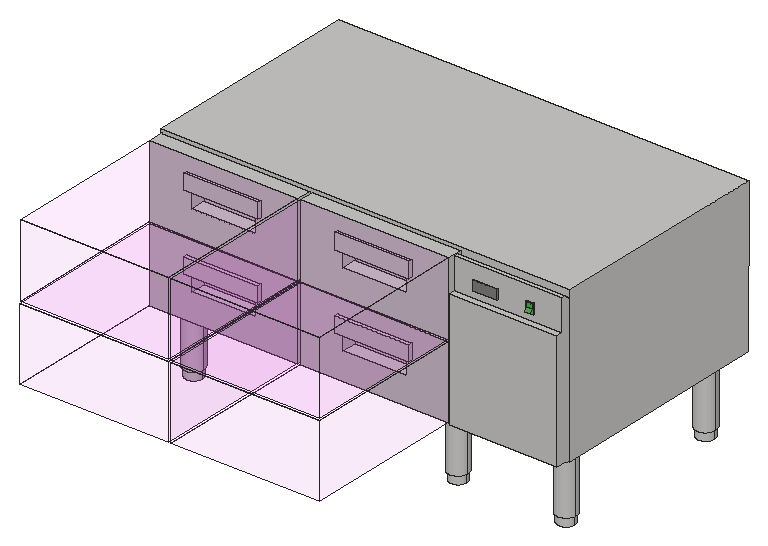
Revit family "QF_ELECTROLUXPROFESSIONAL_371375_E7TTBPCOMIN", category Specialty Equipment, Revit 2018 (continued)
Lines and regions (mm)
  Split face 143
    outline origin (727.396, -348, 142.29) x (0, 0, -1) y (1, 0, 0)
      loop
        arc (-85.025, -242.399) -> (-81.004, -238.41) -> (-85.004, -234.4) r 4
        line (-85.004, -234.4) -> (-117.004, -234.4)
        arc (-117.004, -234.4) -> (-121.004, -238.41) -> (-116.984, -242.399) r 4
        line (-116.984, -242.399) -> (-85.025, -242.399)
  Split face 144
    outline origin (739.396, -348, 142.29) x (0, 0, -1) y (1, 0, 0)
      loop
        arc (-85.025, -242.399) -> (-81.004, -238.41) -> (-85.004, -234.4) r 4
        line (-85.004, -234.4) -> (-117.004, -234.4)
        arc (-117.004, -234.4) -> (-121.004, -238.41) -> (-116.984, -242.399) r 4
        line (-116.984, -242.399) -> (-85.025, -242.399)
  Split face 145
    outline origin (751.396, -348, 142.29) x (0, 0, -1) y (1, 0, 0)
      loop
        arc (-85.025, -242.399) -> (-81.004, -238.41) -> (-85.004, -234.4) r 4
        line (-85.004, -234.4) -> (-117.004, -234.4)
        arc (-117.004, -234.4) -> (-121.004, -238.41) -> (-116.984, -242.399) r 4
        line (-116.984, -242.399) -> (-85.025, -242.399)
  Split face 146
    outline origin (763.396, -348, 142.29) x (0, 0, -1) y (1, 0, 0)
      loop
        arc (-85.025, -242.399) -> (-81.004, -238.41) -> (-85.004, -234.4) r 4
        line (-85.004, -234.4) -> (-117.004, -234.4)
        arc (-117.004, -234.4) -> (-121.004, -238.41) -> (-116.984, -242.399) r 4
        line (-116.984, -242.399) -> (-85.025, -242.399)
  Split face 147
    outline origin (775.396, -348, 142.29) x (0, 0, -1) y (1, 0, 0)
      loop
        arc (-85.025, -242.399) -> (-81.004, -238.41) -> (-85.004, -234.4) r 4
        line (-85.004, -234.4) -> (-117.004, -234.4)
        arc (-117.004, -234.4) -> (-121.004, -238.41) -> (-116.984, -242.399) r 4
        line (-116.984, -242.399) -> (-85.025, -242.399)
  Split face 148
    outline origin (787.396, -348, 142.29) x (0, 0, -1) y (1, 0, 0)
      loop
        arc (-85.025, -242.399) -> (-81.004, -238.41) -> (-85.004, -234.4) r 4
        line (-85.004, -234.4) -> (-117.004, -234.4)
        arc (-117.004, -234.4) -> (-121.004, -238.41) -> (-116.984, -242.399) r 4
        line (-116.984, -242.399) -> (-85.025, -242.399)
  Split face 149
    outline origin (799.396, -348, 142.29) x (0, 0, -1) y (1, 0, 0)
      loop
        arc (-85.025, -242.399) -> (-81.004, -238.41) -> (-85.004, -234.4) r 4
        line (-85.004, -234.4) -> (-117.004, -234.4)
        arc (-117.004, -234.4) -> (-121.004, -238.41) -> (-116.984, -242.399) r 4
        line (-116.984, -242.399) -> (-85.025, -242.399)
  Split face 150
    outline origin (811.396, -348, 142.29) x (0, 0, -1) y (1, 0, 0)
      loop
        arc (-85.025, -242.399) -> (-81.004, -238.41) -> (-85.004, -234.4) r 4
        line (-85.004, -234.4) -> (-117.004, -234.4)
        arc (-117.004, -234.4) -> (-121.004, -238.41) -> (-116.984, -242.399) r 4
        line (-116.984, -242.399) -> (-85.025, -242.399)
  Split face 151
    outline origin (588.5, -348, 142.29) x (0, 0, -1) y (1, 0, 0)
      loop
        arc (-85.025, -282.599) -> (-81.004, -278.61) -> (-85.004, -274.599) r 4
        line (-85.004, -274.599) -> (-117.004, -274.599)
        arc (-117.004, -274.599) -> (-121.004, -278.61) -> (-116.984, -282.599) r 4
        line (-116.984, -282.599) -> (-85.025, -282.599)
  Split face 152
    outline origin (708.396, -348, 412.291) x (0, 0, -1) y (1, 0, 0)
      loop
        arc (-85.025, -282.599) -> (-81.004, -278.61) -> (-85.004, -274.599) r 4
        line (-85.004, -274.599) -> (-117.004, -274.599)
        arc (-117.004, -274.599) -> (-121.004, -278.61) -> (-116.984, -282.599) r 4
        line (-116.984, -282.599) -> (-85.025, -282.599)
  Split face 153
    outline origin (720.397, -348, 412.291) x (0, 0, -1) y (1, 0, 0)
      loop
        arc (-85.025, -282.599) -> (-81.004, -278.61) -> (-85.004, -274.599) r 4
        line (-85.004, -274.599) -> (-117.004, -274.599)
        arc (-117.004, -274.599) -> (-121.004, -278.61) -> (-116.984, -282.599) r 4
        line (-116.984, -282.599) -> (-85.025, -282.599)
  Split face 154
    outline origin (732.396, -348, 412.291) x (0, 0, -1) y (1, 0, 0)
      loop
        arc (-85.025, -282.599) -> (-81.004, -278.61) -> (-85.004, -274.599) r 4
        line (-85.004, -274.599) -> (-117.004, -274.599)
        arc (-117.004, -274.599) -> (-121.004, -278.61) -> (-116.984, -282.599) r 4
        line (-116.984, -282.599) -> (-85.025, -282.599)
  Split face 155
    outline origin (708.396, -348, 367.29) x (0, 0, -1) y (1, 0, 0)
      loop
        arc (-85.025, -282.599) -> (-81.004, -278.61) -> (-85.004, -274.599) r 4
        line (-85.004, -274.599) -> (-117.004, -274.599)
        arc (-117.004, -274.599) -> (-121.004, -278.61) -> (-116.984, -282.599) r 4
        line (-116.984, -282.599) -> (-85.025, -282.599)
  Split face 156
    outline origin (720.397, -348, 367.29) x (0, 0, -1) y (1, 0, 0)
      loop
        arc (-85.025, -282.599) -> (-81.004, -278.61) -> (-85.004, -274.599) r 4
        line (-85.004, -274.599) -> (-117.004, -274.599)
        arc (-117.004, -274.599) -> (-121.004, -278.61) -> (-116.984, -282.599) r 4
        line (-116.984, -282.599) -> (-85.025, -282.599)
  Split face 157
    outline origin (732.396, -348, 367.29) x (0, 0, -1) y (1, 0, 0)
      loop
        arc (-85.025, -282.599) -> (-81.004, -278.61) -> (-85.004, -274.599) r 4
        line (-85.004, -274.599) -> (-117.004, -274.599)
        arc (-117.004, -274.599) -> (-121.004, -278.61) -> (-116.984, -282.599) r 4
        line (-116.984, -282.599) -> (-85.025, -282.599)
  Split face 158
    outline origin (708.396, -348, 322.29) x (0, 0, -1) y (1, 0, 0)
      loop
        arc (-85.025, -282.599) -> (-81.004, -278.61) -> (-85.004, -274.599) r 4
        line (-85.004, -274.599) -> (-117.004, -274.599)
        arc (-117.004, -274.599) -> (-121.004, -278.61) -> (-116.984, -282.599) r 4
        line (-116.984, -282.599) -> (-85.025, -282.599)
  Split face 159
    outline origin (720.397, -348, 322.29) x (0, 0, -1) y (1, 0, 0)
      loop
        arc (-85.025, -282.599) -> (-81.004, -278.61) -> (-85.004, -274.599) r 4
        line (-85.004, -274.599) -> (-117.004, -274.599)
        arc (-117.004, -274.599) -> (-121.004, -278.61) -> (-116.984, -282.599) r 4
        line (-116.984, -282.599) -> (-85.025, -282.599)
  Split face 160
    outline origin (732.396, -348, 322.29) x (0, 0, -1) y (1, 0, 0)
      loop
        arc (-85.025, -282.599) -> (-81.004, -278.61) -> (-85.004, -274.599) r 4
        line (-85.004, -274.599) -> (-117.004, -274.599)
        arc (-117.004, -274.599) -> (-121.004, -278.61) -> (-116.984, -282.599) r 4
        line (-116.984, -282.599) -> (-85.025, -282.599)
  Split face 161
    outline origin (708.396, -348, 277.29) x (0, 0, -1) y (1, 0, 0)
      loop
        arc (-85.025, -282.599) -> (-81.004, -278.61) -> (-85.004, -274.599) r 4
        line (-85.004, -274.599) -> (-117.004, -274.599)
        arc (-117.004, -274.599) -> (-121.004, -278.61) -> (-116.984, -282.599) r 4
        line (-116.984, -282.599) -> (-85.025, -282.599)
  Split face 162
    outline origin (720.397, -348, 277.29) x (0, 0, -1) y (1, 0, 0)
      loop
        arc (-85.025, -282.599) -> (-81.004, -278.61) -> (-85.004, -274.599) r 4
        line (-85.004, -274.599) -> (-117.004, -274.599)
        arc (-117.004, -274.599) -> (-121.004, -278.61) -> (-116.984, -282.599) r 4
        line (-116.984, -282.599) -> (-85.025, -282.599)
  Split face 163
    outline origin (732.396, -348, 277.29) x (0, 0, -1) y (1, 0, 0)
      loop
        arc (-85.025, -282.599) -> (-81.004, -278.61) -> (-85.004, -274.599) r 4
        line (-85.004, -274.599) -> (-117.004, -274.599)
        arc (-117.004, -274.599) -> (-121.004, -278.61) -> (-116.984, -282.599) r 4
        line (-116.984, -282.599) -> (-85.025, -282.599)
  Split face 164
    outline origin (708.396, -348, 232.29) x (0, 0, -1) y (1, 0, 0)
      loop
        arc (-85.025, -282.599) -> (-81.004, -278.61) -> (-85.004, -274.599) r 4
        line (-85.004, -274.599) -> (-117.004, -274.599)
        arc (-117.004, -274.599) -> (-121.004, -278.61) -> (-116.984, -282.599) r 4
        line (-116.984, -282.599) -> (-85.025, -282.599)
  Split face 165
    outline origin (720.397, -348, 232.29) x (0, 0, -1) y (1, 0, 0)
      loop
        arc (-85.025, -282.599) -> (-81.004, -278.61) -> (-85.004, -274.599) r 4
        line (-85.004, -274.599) -> (-117.004, -274.599)
        arc (-117.004, -274.599) -> (-121.004, -278.61) -> (-116.984, -282.599) r 4
        line (-116.984, -282.599) -> (-85.025, -282.599)
  Split face 166
    outline origin (732.396, -348, 232.29) x (0, 0, -1) y (1, 0, 0)
      loop
        arc (-85.025, -282.599) -> (-81.004, -278.61) -> (-85.004, -274.599) r 4
        line (-85.004, -274.599) -> (-117.004, -274.599)
        arc (-117.004, -274.599) -> (-121.004, -278.61) -> (-116.984, -282.599) r 4
        line (-116.984, -282.599) -> (-85.025, -282.599)
  Split face 167
    outline origin (708.396, -348, 187.29) x (0, 0, -1) y (1, 0, 0)
      loop
        arc (-85.025, -282.599) -> (-81.004, -278.61) -> (-85.004, -274.599) r 4
        line (-85.004, -274.599) -> (-117.004, -274.599)
        arc (-117.004, -274.599) -> (-121.004, -278.61) -> (-116.984, -282.599) r 4
        line (-116.984, -282.599) -> (-85.025, -282.599)
  Split face 168
    outline origin (720.397, -348, 187.29) x (0, 0, -1) y (1, 0, 0)
      loop
        arc (-85.025, -282.599) -> (-81.004, -278.61) -> (-85.004, -274.599) r 4
        line (-85.004, -274.599) -> (-117.004, -274.599)
        arc (-117.004, -274.599) -> (-121.004, -278.61) -> (-116.984, -282.599) r 4
        line (-116.984, -282.599) -> (-85.025, -282.599)
  Split face 169
    outline origin (732.396, -348, 187.29) x (0, 0, -1) y (1, 0, 0)
      loop
        arc (-85.025, -282.599) -> (-81.004, -278.61) -> (-85.004, -274.599) r 4
        line (-85.004, -274.599) -> (-117.004, -274.599)
        arc (-117.004, -274.599) -> (-121.004, -278.61) -> (-116.984, -282.599) r 4
        line (-116.984, -282.599) -> (-85.025, -282.599)
  Split face 170
    outline origin (708.396, -348, 142.29) x (0, 0, -1) y (1, 0, 0)
      loop
        arc (-85.025, -282.599) -> (-81.004, -278.61) -> (-85.004, -274.599) r 4
        line (-85.004, -274.599) -> (-117.004, -274.599)
        arc (-117.004, -274.599) -> (-121.004, -278.61) -> (-116.984, -282.599) r 4
        line (-116.984, -282.599) -> (-85.025, -282.599)
  Split face 171
    outline origin (720.397, -348, 142.29) x (0, 0, -1) y (1, 0, 0)
      loop
        arc (-85.025, -282.599) -> (-81.004, -278.61) -> (-85.004, -274.599) r 4
        line (-85.004, -274.599) -> (-117.004, -274.599)
        arc (-117.004, -274.599) -> (-121.004, -278.61) -> (-116.984, -282.599) r 4
        line (-116.984, -282.599) -> (-85.025, -282.599)
  Split face 172
    outline origin (732.396, -348, 142.29) x (0, 0, -1) y (1, 0, 0)
      loop
        arc (-85.025, -282.599) -> (-81.004, -278.61) -> (-85.004, -274.599) r 4
        line (-85.004, -274.599) -> (-117.004, -274.599)
        arc (-117.004, -274.599) -> (-121.004, -278.61) -> (-116.984, -282.599) r 4
        line (-116.984, -282.599) -> (-85.025, -282.599)
  symbolic lines, style "SpecialityEquipmentHiddenLines"
    curve 1: line (-599, 350, 0) -> (599, 350, 0)
    curve 2: line (-599, -348, 0) -> (-599, 350, 0)
    curve 3: line (599, -348, 0) -> (-599, -348, 0)
    curve 4: line (599, 350, 0) -> (599, -348, 0)
    curve 17: line (-599, -303, 0) -> (599, -303, 0)
  symbolic lines, style "QF_Door-Drawer Clearances"
    curve 5: line (-575, -348, 0) -> (-575, -473, 0)
    curve 6: line (-180.999, -473, 0) -> (-180.999, -348, 0)
    curve 7: line (-132.499, -348, 0) -> (-132.499, -473, 0)
    curve 8: line (261.502, -473, 0) -> (261.502, -348, 0)
    curve 9: line (-595, -473, 0) -> (-160.999, -473, 0)
    curve 10: line (-152.499, -473, 0) -> (281.502, -473, 0)
    curve 11: line (-595, -513, 0) -> (-160.999, -513, 0)
    curve 12: line (-152.499, -513, 0) -> (281.502, -513, 0)
    curve 13: line (-160.999, -513, 0) -> (-160.999, -473, 0)
    curve 14: line (-152.499, -473, 0) -> (-152.499, -513, 0)
    curve 15: line (-595, -473, 0) -> (-595, -513, 0)
    curve 16: line (281.502, -513, 0) -> (281.502, -473, 0)
    curve 18: line (-575, -513, 0) -> (-575, -638, 0)
    curve 19: line (-180.999, -638, 0) -> (-180.999, -513, 0)
    curve 20: line (-132.499, -513, 0) -> (-132.499, -638, 0)
    curve 21: line (261.502, -638, 0) -> (261.502, -513, 0)
    curve 22: line (-595, -638, 0) -> (-160.999, -638, 0)
    curve 23: line (-152.499, -638, 0) -> (281.502, -638, 0)
    curve 24: line (-595, -678, 0) -> (-160.999, -678, 0)
    curve 25: line (-152.499, -678, 0) -> (281.502, -678, 0)
    curve 26: line (-160.999, -678, 0) -> (-160.999, -638, 0)
    curve 27: line (-152.499, -638, 0) -> (-152.499, -678, 0)
    curve 28: line (-595, -638, 0) -> (-595, -678, 0)
    curve 29: line (281.502, -678, 0) -> (281.502, -638, 0)
Dimensions and locks
  plane 4 to level = 200 mm
  plane 5 "TOP" to level = 650 mm
  plane 5 "TOP" to plane 4 = 450 mm
  equal spacing: plane 8 "LEFT", plane 3 "Centro (Sinistra/Destra)", plane 9 "RIGHT"
  plane 8 "LEFT" to plane 9 "RIGHT" = 1200 mm
  equal spacing: plane 6 "BACK", plane 1 "Center X", plane 7 "FRONT"
  plane 6 "BACK" to plane 7 "FRONT" = 700 mm
  locked: plane 6 "BACK" to plane 10 at 653
  locked: plane 10 to plane 11 at 45
  locked: plane 8 "LEFT" to plane 12 at 55
  locked: plane 13 to plane 9 "RIGHT" at 55
  locked: plane 12 to plane 14 at 774
  locked: plane 6 "BACK" to plane 15 at 88
  locked: plane 16 to plane 11 at 99
  locked: plane 19 to plane 9 "RIGHT" at 1
  locked: plane 8 "LEFT" to plane 18 at 1
  plane 19 to plane 17 = 313 mm
  locked: plane 6 "BACK" to plane 20 at 160
  plane 21 to plane 9 "RIGHT" = 42 mm
  equal spacing: plane 5 "TOP", plane 22, plane 4
  aligned and locked: level to plane 2
  aligned and locked: plane 12 to nested 1
  aligned and locked: nested 1 to plane 16
  aligned and locked: nested 2 to plane 15
  aligned and locked: plane 14 to nested 3
  aligned and locked: nested 4 to plane 14
  aligned and locked: plane 13 to nested 5
  aligned and locked: nested 6 to plane 13
  aligned and locked: Extrusion 1 sketch curve to plane 6 "BACK"
  aligned and locked: plane 10 to Extrusion 1 sketch curve
  aligned and locked: Extrusion 2 to plane 11
  aligned and locked: Extrusion 10 to plane 11
  aligned and locked: plane 19 to Extrusion 1
  aligned and locked: plane 4 to Extrusion 12
Automatic sketch dimensions
  Extrusion 2 sketch curve to plane 24 = 0 mm
  plane 18 to Extrusion 2 sketch curve = 4 mm
  plane 12 to Extrusion 2 sketch curve = 73.7 mm
  plane 24 to Extrusion 2 sketch curve = 79.206 mm
  Extrusion 2 sketch curve to Extrusion 2 sketch curve = 186.601 mm
  Extrusion 2 sketch curve to plane 5 "TOP" = 9.006 mm
  Extrusion 2 sketch curve to Extrusion 2 sketch curve = 123.7 mm
  Extrusion 2 sketch curve to plane 5 "TOP" = 65 mm
  Extrusion 8 sketch curve to plane 24 = 0 mm
  Extrusion 8 sketch curve to plane 3 "Centro (Sinistra/Destra)" = 152.999 mm
  Extrusion 8 sketch curve to plane 17 = 4.998 mm
  Extrusion 8 sketch curve to plane 5 "TOP" = 9.006 mm
  Extrusion 10 sketch curve to plane 24 = 0 mm
  Extrusion 10 sketch curve to plane 17 = 4.998 mm
  Extrusion 10 sketch curve to plane 14 = 71.698 mm
  Extrusion 10 sketch curve to plane 3 "Centro (Sinistra/Destra)" = 29.299 mm
  Extrusion 10 sketch curve to Extrusion 10 sketch curve = 123.7 mm
  plane 24 to Extrusion 10 sketch curve = 79.206 mm
  Extrusion 10 sketch curve to plane 5 "TOP" = 65 mm
  Extrusion 10 sketch curve to plane 5 "TOP" = 9.006 mm
  Extrusion 12 sketch curve to plane 20 = 0 mm
  Extrusion 12 sketch curve to plane 21 = 0 mm
  Extrusion 1 sketch curve to plane 19 = 0 mm
  Extrusion 1 sketch curve to plane 18 = 0 mm
  Extrusion 2 to Extrusion 3 sketch curve = 0 mm
  Extrusion 3 sketch curve to Extrusion 2 = 0 mm  (x3)
  Extrusion 4 sketch curve to plane 11 = 0 mm
  Extrusion 4 sketch curve to plane 4 = 0 mm
  Extrusion 4 sketch curve to plane 10 = 0 mm
  plane 11 to Extrusion 4 sketch curve = 16.901 mm
  Extrusion 4 sketch curve to Extrusion 4 sketch curve = 11.336 mm
  plane 4 to Extrusion 4 sketch curve = 4.796 mm
  Extrusion 4 sketch curve to plane 10 = 15.163 mm
  Extrusion 4 sketch curve to plane 10 = 5.442 mm
  Extrusion 4 sketch curve to plane 5 "TOP" = 100.204 mm
  Extrusion 4 sketch curve to plane 5 "TOP" = 20.473 mm
  Extrusion 4 sketch curve to plane 5 "TOP" = 9.006 mm
  Extrusion 4 to Extrusion 5 sketch curve = 42.198 mm
  Extrusion 5 sketch curve to Extrusion 4 = 20 mm
  Extrusion 4 to Extrusion 5 sketch curve = 102.899 mm
  Extrusion 5 sketch curve to Extrusion 5 sketch curve = 22 mm
  Extrusion 4 to Extrusion 6 sketch curve = 42.198 mm
  Extrusion 6 sketch curve to Extrusion 4 = 20 mm
  Extrusion 4 to Extrusion 6 sketch curve = 54.901 mm
  Extrusion 6 sketch curve to Extrusion 6 sketch curve = 70 mm
  Split face 1 sketch curve to Extrusion 6 = 5 mm
  Split face 1 sketch curve to Extrusion 6 = 9 mm
  Split face 1 sketch curve to Extrusion 6 = 10 mm  (x2)
  Split face 2 sketch curve to Extrusion 6 = 12.5 mm
  Split face 2 sketch curve to Extrusion 6 = 7 mm
  Split face 3 sketch curve to Extrusion 6 = 7.5 mm
  Split face 3 sketch curve to Extrusion 6 = 7 mm
  Split face 4 sketch curve to Extrusion 6 = 11.5 mm
  Split face 4 sketch curve to Extrusion 6 = 7 mm
  Split face 5 sketch curve to Extrusion 6 = 7.5 mm
  Split face 5 sketch curve to Extrusion 6 = 7 mm
  Split face 6 sketch curve to Extrusion 6 = 12.5 mm
  Split face 6 sketch curve to Extrusion 6 = 7 mm
  Split face 7 sketch curve to Extrusion 6 = 11.5 mm
  Split face 7 sketch curve to Extrusion 6 = 7 mm
  Split face 8 sketch curve to Extrusion 6 = 7.047 mm
  Split face 8 sketch curve to Extrusion 6 = 2.047 mm
  Split face 8 sketch curve to Extrusion 6 = 10 mm
  Split face 8 sketch curve to Split face 8 sketch curve = 11 mm
  Split face 9 sketch curve to Extrusion 6 = 7.047 mm
  Split face 9 sketch curve to Extrusion 6 = 2.047 mm
  Split face 9 sketch curve to Extrusion 6 = 23 mm
  Split face 9 sketch curve to Split face 9 sketch curve = 11 mm
  Split face 10 sketch curve to Extrusion 6 = 7.047 mm
  Split face 10 sketch curve to Extrusion 6 = 2.047 mm
  Split face 10 sketch curve to Extrusion 6 = 34 mm
  Split face 10 sketch curve to Split face 10 sketch curve = 11 mm
  Split face 11 sketch curve to Extrusion 6 = 7.047 mm
  Split face 11 sketch curve to Extrusion 6 = 2.047 mm
  Split face 11 sketch curve to Extrusion 6 = 21 mm
  Split face 11 sketch curve to Extrusion 6 = 10 mm
  Extrusion 7 sketch curve to Extrusion 7 sketch curve = 0 mm  (x3)
  Extrusion 7 sketch curve to Extrusion 5 = 0 mm
  Extrusion 5 to Extrusion 7 sketch curve = 2.279 mm
  Extrusion 7 sketch curve to Extrusion 7 sketch curve = 0.116 mm
  Extrusion 7 sketch curve to Extrusion 7 sketch curve = 12.105 mm
  Extrusion 5 to Extrusion 7 sketch curve = 3.692 mm
  Extrusion 5 to Extrusion 7 sketch curve = 2.395 mm
  Split face 12 sketch curve to Extrusion 4 = 20.5 mm
  Split face 12 sketch curve to Split face 12 sketch curve = 0.02 mm  (x2)
  Split face 12 sketch curve to Split face 12 sketch curve = 31.959 mm
  Split face 12 sketch curve to Extrusion 4 = 32.901 mm
  Split face 12 sketch curve to Split face 12 sketch curve = 4 mm
  Split face 13 sketch curve to Extrusion 4 = 20.5 mm
  Split face 13 sketch curve to Split face 13 sketch curve = 0.02 mm  (x2)
  Split face 13 sketch curve to Split face 13 sketch curve = 31.959 mm
  Split face 13 sketch curve to Extrusion 4 = 44.9 mm
  Split face 13 sketch curve to Split face 13 sketch curve = 4 mm
  Split face 14 sketch curve to Extrusion 4 = 20.5 mm
  Split face 14 sketch curve to Split face 14 sketch curve = 0.02 mm  (x2)
  Split face 14 sketch curve to Split face 14 sketch curve = 31.959 mm
  Split face 14 sketch curve to Extrusion 4 = 56.9 mm
  Split face 14 sketch curve to Split face 14 sketch curve = 4 mm
  Split face 15 sketch curve to Extrusion 4 = 20.5 mm
  Split face 15 sketch curve to Split face 15 sketch curve = 0.02 mm  (x2)
  Split face 15 sketch curve to Split face 15 sketch curve = 31.959 mm
  Split face 15 sketch curve to Extrusion 4 = 68.797 mm
  Split face 15 sketch curve to Split face 15 sketch curve = 4 mm
  Split face 16 sketch curve to Extrusion 4 = 20.5 mm
  Split face 16 sketch curve to Split face 16 sketch curve = 0.02 mm  (x2)
  Split face 16 sketch curve to Split face 16 sketch curve = 31.959 mm
  Split face 16 sketch curve to Extrusion 4 = 80.797 mm
  Split face 16 sketch curve to Split face 16 sketch curve = 4 mm
  Split face 17 sketch curve to Extrusion 4 = 20.5 mm
  Split face 17 sketch curve to Split face 17 sketch curve = 0.02 mm  (x2)
  Split face 17 sketch curve to Split face 17 sketch curve = 31.959 mm
  Split face 17 sketch curve to Extrusion 4 = 92.797 mm
  Split face 17 sketch curve to Split face 17 sketch curve = 4 mm
  Split face 18 sketch curve to Extrusion 4 = 20.5 mm
  Split face 18 sketch curve to Split face 18 sketch curve = 0.02 mm  (x2)
  Split face 18 sketch curve to Split face 18 sketch curve = 31.959 mm
  Split face 18 sketch curve to Extrusion 4 = 104.797 mm
  Split face 18 sketch curve to Split face 18 sketch curve = 4 mm
  Split face 19 sketch curve to Extrusion 4 = 20.5 mm
  Split face 19 sketch curve to Split face 19 sketch curve = 0.02 mm  (x2)
  Split face 19 sketch curve to Split face 19 sketch curve = 31.959 mm
  Split face 19 sketch curve to Extrusion 4 = 116.797 mm
  Split face 19 sketch curve to Split face 19 sketch curve = 4 mm
  Split face 20 sketch curve to Extrusion 4 = 20.5 mm
  Split face 20 sketch curve to Split face 20 sketch curve = 0.02 mm  (x2)
  Split face 20 sketch curve to Split face 20 sketch curve = 31.959 mm
  Split face 20 sketch curve to Extrusion 4 = 128.797 mm
  Split face 20 sketch curve to Split face 20 sketch curve = 4 mm
  Split face 21 sketch curve to Extrusion 4 = 20.5 mm
  Split face 21 sketch curve to Split face 21 sketch curve = 0.02 mm  (x2)
  Split face 21 sketch curve to Split face 21 sketch curve = 31.959 mm
  Split face 21 sketch curve to Extrusion 4 = 137.003 mm
  Split face 21 sketch curve to Split face 21 sketch curve = 4 mm
  Split face 22 sketch curve to Extrusion 4 = 20.5 mm
  Split face 22 sketch curve to Split face 22 sketch curve = 0.02 mm  (x2)
  Split face 22 sketch curve to Split face 22 sketch curve = 31.959 mm
  Split face 22 sketch curve to Extrusion 4 = 125.004 mm
  Split face 22 sketch curve to Split face 22 sketch curve = 4 mm
  Split face 23 sketch curve to Extrusion 4 = 20.5 mm
  Split face 23 sketch curve to Split face 23 sketch curve = 0.02 mm  (x2)
  Split face 23 sketch curve to Split face 23 sketch curve = 31.959 mm
  Split face 23 sketch curve to Extrusion 4 = 113.003 mm
  Split face 23 sketch curve to Split face 23 sketch curve = 4 mm
  Split face 24 sketch curve to Extrusion 4 = 20.5 mm
  Split face 24 sketch curve to Split face 24 sketch curve = 0.02 mm  (x2)
  Split face 24 sketch curve to Split face 24 sketch curve = 31.959 mm
  Split face 24 sketch curve to Extrusion 4 = 101.003 mm
  Split face 24 sketch curve to Split face 24 sketch curve = 4 mm
  Split face 25 sketch curve to Extrusion 4 = 20.5 mm
  Split face 25 sketch curve to Split face 25 sketch curve = 0.02 mm  (x2)
  Split face 25 sketch curve to Split face 25 sketch curve = 31.959 mm
  Split face 25 sketch curve to Extrusion 4 = 89.003 mm
  Split face 25 sketch curve to Split face 25 sketch curve = 4 mm
  Split face 26 sketch curve to Extrusion 4 = 20.5 mm
  Split face 26 sketch curve to Split face 26 sketch curve = 0.02 mm  (x2)
  Split face 26 sketch curve to Split face 26 sketch curve = 31.959 mm
  Split face 26 sketch curve to Extrusion 4 = 77.004 mm
  Split face 26 sketch curve to Split face 26 sketch curve = 4 mm
  Split face 27 sketch curve to Extrusion 4 = 20.5 mm
  Split face 27 sketch curve to Split face 27 sketch curve = 0.02 mm  (x2)
  Split face 27 sketch curve to Split face 27 sketch curve = 31.959 mm
  Split face 27 sketch curve to Extrusion 4 = 65.003 mm
  Split face 27 sketch curve to Split face 27 sketch curve = 4 mm
  Split face 28 sketch curve to Extrusion 4 = 20.5 mm
  Split face 28 sketch curve to Split face 28 sketch curve = 0.02 mm  (x2)
  Split face 28 sketch curve to Split face 28 sketch curve = 31.959 mm
  Split face 28 sketch curve to Extrusion 4 = 53.004 mm
  Split face 28 sketch curve to Split face 28 sketch curve = 4 mm
  Split face 29 sketch curve to Extrusion 4 = 20.5 mm
  Split face 29 sketch curve to Split face 29 sketch curve = 0.02 mm  (x2)
  Split face 29 sketch curve to Split face 29 sketch curve = 31.959 mm
  Split face 29 sketch curve to Extrusion 4 = 41.004 mm
  Split face 29 sketch curve to Split face 29 sketch curve = 4 mm
  Split face 30 sketch curve to Extrusion 4 = 20.5 mm
  Split face 30 sketch curve to Split face 30 sketch curve = 0.02 mm  (x2)
  Split face 30 sketch curve to Split face 30 sketch curve = 31.959 mm
  Split face 30 sketch curve to Extrusion 4 = 29.004 mm
  Split face 30 sketch curve to Split face 30 sketch curve = 4 mm
  Split face 31 sketch curve to Extrusion 4 = 20.5 mm
  Split face 31 sketch curve to Split face 31 sketch curve = 0.02 mm  (x2)
  Split face 31 sketch curve to Split face 31 sketch curve = 31.959 mm
  Split face 31 sketch curve to Extrusion 4 = 20.901 mm
  Split face 31 sketch curve to Split face 31 sketch curve = 4 mm
  Split face 32 sketch curve to Extrusion 4 = 65.502 mm
  Split face 32 sketch curve to Split face 32 sketch curve = 0.02 mm  (x2)
  Split face 32 sketch curve to Split face 32 sketch curve = 31.959 mm
  Split face 32 sketch curve to Extrusion 4 = 32.901 mm
  Split face 32 sketch curve to Split face 32 sketch curve = 4 mm
  Split face 33 sketch curve to Extrusion 4 = 65.502 mm
  Split face 33 sketch curve to Split face 33 sketch curve = 0.02 mm  (x2)
  Split face 33 sketch curve to Split face 33 sketch curve = 31.959 mm
  Split face 33 sketch curve to Extrusion 4 = 44.9 mm
  Split face 33 sketch curve to Split face 33 sketch curve = 4 mm
  Split face 34 sketch curve to Extrusion 4 = 65.502 mm
  Split face 34 sketch curve to Split face 34 sketch curve = 0.02 mm  (x2)
  Split face 34 sketch curve to Split face 34 sketch curve = 31.959 mm
  Split face 34 sketch curve to Extrusion 4 = 56.9 mm
  Split face 34 sketch curve to Split face 34 sketch curve = 4 mm
  Split face 35 sketch curve to Extrusion 4 = 65.502 mm
  Split face 35 sketch curve to Split face 35 sketch curve = 0.02 mm  (x2)
  Split face 35 sketch curve to Split face 35 sketch curve = 31.959 mm
  Split face 35 sketch curve to Extrusion 4 = 68.797 mm
  Split face 35 sketch curve to Split face 35 sketch curve = 4 mm
  Split face 36 sketch curve to Extrusion 4 = 65.502 mm
  Split face 36 sketch curve to Split face 36 sketch curve = 0.02 mm  (x2)
  Split face 36 sketch curve to Split face 36 sketch curve = 31.959 mm
  Split face 36 sketch curve to Extrusion 4 = 80.797 mm
  Split face 36 sketch curve to Split face 36 sketch curve = 4 mm
  Split face 37 sketch curve to Extrusion 4 = 65.502 mm
  Split face 37 sketch curve to Split face 37 sketch curve = 0.02 mm  (x2)
  Split face 37 sketch curve to Split face 37 sketch curve = 31.959 mm
  Split face 37 sketch curve to Extrusion 4 = 92.797 mm
  Split face 37 sketch curve to Split face 37 sketch curve = 4 mm
  Split face 38 sketch curve to Extrusion 4 = 65.502 mm
  Split face 38 sketch curve to Split face 38 sketch curve = 0.02 mm  (x2)
  Split face 38 sketch curve to Split face 38 sketch curve = 31.959 mm
  Split face 38 sketch curve to Extrusion 4 = 104.797 mm
  Split face 38 sketch curve to Split face 38 sketch curve = 4 mm
  Split face 39 sketch curve to Extrusion 4 = 65.502 mm
  Split face 39 sketch curve to Split face 39 sketch curve = 0.02 mm  (x2)
  Split face 39 sketch curve to Split face 39 sketch curve = 31.959 mm
  Split face 39 sketch curve to Extrusion 4 = 116.797 mm
  Split face 39 sketch curve to Split face 39 sketch curve = 4 mm
  Split face 40 sketch curve to Extrusion 4 = 65.502 mm
  Split face 40 sketch curve to Split face 40 sketch curve = 0.02 mm  (x2)
  Split face 40 sketch curve to Split face 40 sketch curve = 31.959 mm
  Split face 40 sketch curve to Extrusion 4 = 128.797 mm
  Split face 40 sketch curve to Split face 40 sketch curve = 4 mm
  Split face 41 sketch curve to Extrusion 4 = 65.502 mm
  Split face 41 sketch curve to Split face 41 sketch curve = 0.02 mm  (x2)
  Split face 41 sketch curve to Split face 41 sketch curve = 31.959 mm
  Split face 41 sketch curve to Extrusion 4 = 137.003 mm
  Split face 41 sketch curve to Split face 41 sketch curve = 4 mm
  Split face 42 sketch curve to Extrusion 4 = 65.502 mm
  Split face 42 sketch curve to Split face 42 sketch curve = 0.02 mm  (x2)
  Split face 42 sketch curve to Split face 42 sketch curve = 31.959 mm
  Split face 42 sketch curve to Extrusion 4 = 125.004 mm
  Split face 42 sketch curve to Split face 42 sketch curve = 4 mm
  Split face 43 sketch curve to Extrusion 4 = 65.502 mm
  Split face 43 sketch curve to Split face 43 sketch curve = 0.02 mm  (x2)
  Split face 43 sketch curve to Split face 43 sketch curve = 31.959 mm
  Split face 43 sketch curve to Extrusion 4 = 113.003 mm
  Split face 43 sketch curve to Split face 43 sketch curve = 4 mm
  Split face 44 sketch curve to Extrusion 4 = 65.502 mm
  Split face 44 sketch curve to Split face 44 sketch curve = 0.02 mm  (x2)
  Split face 44 sketch curve to Split face 44 sketch curve = 31.959 mm
  Split face 44 sketch curve to Extrusion 4 = 101.003 mm
  Split face 44 sketch curve to Split face 44 sketch curve = 4 mm
  Split face 45 sketch curve to Extrusion 4 = 65.502 mm
  Split face 45 sketch curve to Split face 45 sketch curve = 0.02 mm  (x2)
  Split face 45 sketch curve to Split face 45 sketch curve = 31.959 mm
  Split face 45 sketch curve to Extrusion 4 = 89.003 mm
  Split face 45 sketch curve to Split face 45 sketch curve = 4 mm
  Split face 46 sketch curve to Extrusion 4 = 65.502 mm
  Split face 46 sketch curve to Split face 46 sketch curve = 0.02 mm  (x2)
  Split face 46 sketch curve to Split face 46 sketch curve = 31.959 mm
  Split face 46 sketch curve to Extrusion 4 = 77.004 mm
  Split face 46 sketch curve to Split face 46 sketch curve = 4 mm
  Split face 47 sketch curve to Extrusion 4 = 65.502 mm
  Split face 47 sketch curve to Split face 47 sketch curve = 0.02 mm  (x2)
  Split face 47 sketch curve to Split face 47 sketch curve = 31.959 mm
  Split face 47 sketch curve to Extrusion 4 = 65.003 mm
  Split face 47 sketch curve to Split face 47 sketch curve = 4 mm
  Split face 48 sketch curve to Extrusion 4 = 65.502 mm
  Split face 48 sketch curve to Split face 48 sketch curve = 0.02 mm  (x2)
  Split face 48 sketch curve to Split face 48 sketch curve = 31.959 mm
  Split face 48 sketch curve to Extrusion 4 = 53.004 mm
  Split face 48 sketch curve to Split face 48 sketch curve = 4 mm
  Split face 49 sketch curve to Extrusion 4 = 65.502 mm
  Split face 49 sketch curve to Split face 49 sketch curve = 0.02 mm  (x2)
  Split face 49 sketch curve to Split face 49 sketch curve = 31.959 mm
  Split face 49 sketch curve to Extrusion 4 = 41.004 mm
  Split face 49 sketch curve to Split face 49 sketch curve = 4 mm
  Split face 50 sketch curve to Extrusion 4 = 25.004 mm
  Split face 50 sketch curve to Extrusion 4 = 65.502 mm
  Split face 50 sketch curve to Split face 50 sketch curve = 0.02 mm  (x2)
  Split face 50 sketch curve to Split face 50 sketch curve = 31.959 mm
  Split face 50 sketch curve to Split face 50 sketch curve = 4 mm
  Split face 51 sketch curve to Extrusion 4 = 24.901 mm
  Split face 51 sketch curve to Extrusion 4 = 65.502 mm
  Split face 51 sketch curve to Split face 51 sketch curve = 0.02 mm  (x2)
  Split face 51 sketch curve to Split face 51 sketch curve = 31.959 mm
  Split face 51 sketch curve to Split face 51 sketch curve = 4 mm
  Split face 52 sketch curve to Extrusion 4 = 36.901 mm
  Split face 52 sketch curve to Extrusion 4 = 110.502 mm
  Split face 52 sketch curve to Split face 52 sketch curve = 0.02 mm  (x2)
  Split face 52 sketch curve to Split face 52 sketch curve = 31.959 mm
  Split face 52 sketch curve to Split face 52 sketch curve = 4 mm
  Split face 53 sketch curve to Extrusion 4 = 48.9 mm
  Split face 53 sketch curve to Extrusion 4 = 110.502 mm
  Split face 53 sketch curve to Split face 53 sketch curve = 0.02 mm  (x2)
  Split face 53 sketch curve to Split face 53 sketch curve = 31.959 mm
  Split face 53 sketch curve to Split face 53 sketch curve = 4 mm
  Split face 54 sketch curve to Extrusion 4 = 110.502 mm
  Split face 54 sketch curve to Split face 54 sketch curve = 0.02 mm  (x2)
  Split face 54 sketch curve to Split face 54 sketch curve = 31.959 mm
  Split face 54 sketch curve to Extrusion 4 = 56.9 mm
  Split face 54 sketch curve to Split face 54 sketch curve = 4 mm
  Split face 55 sketch curve to Extrusion 4 = 110.502 mm
  Split face 55 sketch curve to Split face 55 sketch curve = 0.02 mm  (x2)
  Split face 55 sketch curve to Split face 55 sketch curve = 31.959 mm
  Split face 55 sketch curve to Extrusion 4 = 68.797 mm
  Split face 55 sketch curve to Split face 55 sketch curve = 4 mm
  Split face 56 sketch curve to Extrusion 4 = 110.502 mm
  Split face 56 sketch curve to Split face 56 sketch curve = 0.02 mm  (x2)
  Split face 56 sketch curve to Split face 56 sketch curve = 31.959 mm
  Split face 56 sketch curve to Extrusion 4 = 80.797 mm
  Split face 56 sketch curve to Split face 56 sketch curve = 4 mm
  Split face 57 sketch curve to Extrusion 4 = 110.502 mm
  Split face 57 sketch curve to Split face 57 sketch curve = 0.02 mm  (x2)
  Split face 57 sketch curve to Split face 57 sketch curve = 31.959 mm
  Split face 57 sketch curve to Extrusion 4 = 92.797 mm
  Split face 57 sketch curve to Split face 57 sketch curve = 4 mm
  Split face 58 sketch curve to Extrusion 4 = 110.502 mm
  Split face 58 sketch curve to Split face 58 sketch curve = 0.02 mm  (x2)
  Split face 58 sketch curve to Split face 58 sketch curve = 31.959 mm
  Split face 58 sketch curve to Extrusion 4 = 104.797 mm
  Split face 58 sketch curve to Split face 58 sketch curve = 4 mm
  Split face 59 sketch curve to Extrusion 4 = 110.502 mm
  Split face 59 sketch curve to Split face 59 sketch curve = 0.02 mm  (x2)
  Split face 59 sketch curve to Split face 59 sketch curve = 31.959 mm
  Split face 59 sketch curve to Extrusion 4 = 116.797 mm
  Split face 59 sketch curve to Split face 59 sketch curve = 4 mm
  Split face 60 sketch curve to Extrusion 4 = 110.502 mm
  Split face 60 sketch curve to Split face 60 sketch curve = 0.02 mm  (x2)
  Split face 60 sketch curve to Split face 60 sketch curve = 31.959 mm
  Split face 60 sketch curve to Extrusion 4 = 128.797 mm
  Split face 60 sketch curve to Split face 60 sketch curve = 4 mm
  Split face 61 sketch curve to Extrusion 4 = 110.502 mm
  Split face 61 sketch curve to Split face 61 sketch curve = 0.02 mm  (x2)
  Split face 61 sketch curve to Split face 61 sketch curve = 31.959 mm
  Split face 61 sketch curve to Extrusion 4 = 137.003 mm
  Split face 61 sketch curve to Split face 61 sketch curve = 4 mm
  Split face 62 sketch curve to Extrusion 4 = 110.502 mm
  Split face 62 sketch curve to Split face 62 sketch curve = 0.02 mm  (x2)
  Split face 62 sketch curve to Split face 62 sketch curve = 31.959 mm
  Split face 62 sketch curve to Extrusion 4 = 125.004 mm
  Split face 62 sketch curve to Split face 62 sketch curve = 4 mm
  Split face 63 sketch curve to Extrusion 4 = 110.502 mm
  Split face 63 sketch curve to Split face 63 sketch curve = 0.02 mm  (x2)
  Split face 63 sketch curve to Split face 63 sketch curve = 31.959 mm
  Split face 63 sketch curve to Extrusion 4 = 113.003 mm
  Split face 63 sketch curve to Split face 63 sketch curve = 4 mm
  Split face 64 sketch curve to Extrusion 4 = 110.502 mm
  Split face 64 sketch curve to Split face 64 sketch curve = 0.02 mm  (x2)
  Split face 64 sketch curve to Split face 64 sketch curve = 31.959 mm
  Split face 64 sketch curve to Extrusion 4 = 101.003 mm
  Split face 64 sketch curve to Split face 64 sketch curve = 4 mm
  Split face 65 sketch curve to Extrusion 4 = 110.502 mm
  Split face 65 sketch curve to Split face 65 sketch curve = 0.02 mm  (x2)
  Split face 65 sketch curve to Split face 65 sketch curve = 31.959 mm
  Split face 65 sketch curve to Extrusion 4 = 89.003 mm
  Split face 65 sketch curve to Split face 65 sketch curve = 4 mm
  Split face 66 sketch curve to Extrusion 4 = 110.502 mm
  Split face 66 sketch curve to Split face 66 sketch curve = 0.02 mm  (x2)
  Split face 66 sketch curve to Split face 66 sketch curve = 31.959 mm
  Split face 66 sketch curve to Extrusion 4 = 77.004 mm
  Split face 66 sketch curve to Split face 66 sketch curve = 4 mm
  Split face 67 sketch curve to Extrusion 4 = 110.502 mm
  Split face 67 sketch curve to Split face 67 sketch curve = 0.02 mm  (x2)
  Split face 67 sketch curve to Split face 67 sketch curve = 31.959 mm
  Split face 67 sketch curve to Extrusion 4 = 65.003 mm
  Split face 67 sketch curve to Split face 67 sketch curve = 4 mm
  Split face 68 sketch curve to Extrusion 4 = 49.004 mm
  Split face 68 sketch curve to Extrusion 4 = 110.502 mm
  Split face 68 sketch curve to Split face 68 sketch curve = 0.02 mm  (x2)
  Split face 68 sketch curve to Split face 68 sketch curve = 31.959 mm
  Split face 68 sketch curve to Split face 68 sketch curve = 4 mm
  Split face 69 sketch curve to Extrusion 4 = 37.004 mm
  Split face 69 sketch curve to Extrusion 4 = 110.502 mm
  Split face 69 sketch curve to Split face 69 sketch curve = 0.02 mm  (x2)
  Split face 69 sketch curve to Split face 69 sketch curve = 31.959 mm
  Split face 69 sketch curve to Split face 69 sketch curve = 4 mm
  Split face 70 sketch curve to Extrusion 4 = 25.004 mm
  Split face 70 sketch curve to Extrusion 4 = 110.502 mm
  Split face 70 sketch curve to Split face 70 sketch curve = 0.02 mm  (x2)
  Split face 70 sketch curve to Split face 70 sketch curve = 31.959 mm
  Split face 70 sketch curve to Split face 70 sketch curve = 4 mm
  Split face 71 sketch curve to Extrusion 4 = 24.901 mm
  Split face 71 sketch curve to Extrusion 4 = 110.502 mm
  Split face 71 sketch curve to Split face 71 sketch curve = 0.02 mm  (x2)
  Split face 71 sketch curve to Split face 71 sketch curve = 31.959 mm
  Split face 71 sketch curve to Split face 71 sketch curve = 4 mm
  Split face 72 sketch curve to Extrusion 4 = 36.901 mm
  Split face 72 sketch curve to Extrusion 4 = 155.502 mm
  Split face 72 sketch curve to Split face 72 sketch curve = 0.02 mm  (x2)
  Split face 72 sketch curve to Split face 72 sketch curve = 31.959 mm
  Split face 72 sketch curve to Split face 72 sketch curve = 4 mm
  Split face 73 sketch curve to Extrusion 4 = 48.9 mm
  Split face 73 sketch curve to Extrusion 4 = 155.502 mm
  Split face 73 sketch curve to Split face 73 sketch curve = 0.02 mm  (x2)
  Split face 73 sketch curve to Split face 73 sketch curve = 31.959 mm
  Split face 73 sketch curve to Split face 73 sketch curve = 4 mm
  Split face 74 sketch curve to Extrusion 4 = 60.9 mm
  Split face 74 sketch curve to Extrusion 4 = 155.502 mm
  Split face 74 sketch curve to Split face 74 sketch curve = 0.02 mm  (x2)
  Split face 74 sketch curve to Split face 74 sketch curve = 31.959 mm
  Split face 74 sketch curve to Split face 74 sketch curve = 4 mm
  Split face 75 sketch curve to Extrusion 4 = 72.797 mm
  Split face 75 sketch curve to Extrusion 4 = 155.502 mm
  Split face 75 sketch curve to Split face 75 sketch curve = 0.02 mm  (x2)
  Split face 75 sketch curve to Split face 75 sketch curve = 31.959 mm
  Split face 75 sketch curve to Split face 75 sketch curve = 4 mm
  Split face 76 sketch curve to Extrusion 4 = 155.502 mm
  Split face 76 sketch curve to Split face 76 sketch curve = 0.02 mm  (x2)
  Split face 76 sketch curve to Split face 76 sketch curve = 31.959 mm
  Split face 76 sketch curve to Extrusion 4 = 80.797 mm
  Split face 76 sketch curve to Split face 76 sketch curve = 4 mm
  Split face 77 sketch curve to Extrusion 4 = 155.502 mm
  Split face 77 sketch curve to Split face 77 sketch curve = 0.02 mm  (x2)
  Split face 77 sketch curve to Split face 77 sketch curve = 31.959 mm
  Split face 77 sketch curve to Extrusion 4 = 92.797 mm
  Split face 77 sketch curve to Split face 77 sketch curve = 4 mm
  Split face 78 sketch curve to Extrusion 4 = 155.502 mm
  Split face 78 sketch curve to Split face 78 sketch curve = 0.02 mm  (x2)
  Split face 78 sketch curve to Split face 78 sketch curve = 31.959 mm
  Split face 78 sketch curve to Extrusion 4 = 104.797 mm
  Split face 78 sketch curve to Split face 78 sketch curve = 4 mm
  Split face 79 sketch curve to Extrusion 4 = 155.502 mm
  Split face 79 sketch curve to Split face 79 sketch curve = 0.02 mm  (x2)
  Split face 79 sketch curve to Split face 79 sketch curve = 31.959 mm
  Split face 79 sketch curve to Extrusion 4 = 116.797 mm
  Split face 79 sketch curve to Split face 79 sketch curve = 4 mm
  Split face 80 sketch curve to Extrusion 4 = 155.502 mm
  Split face 80 sketch curve to Split face 80 sketch curve = 0.02 mm  (x2)
  Split face 80 sketch curve to Split face 80 sketch curve = 31.959 mm
  Split face 80 sketch curve to Extrusion 4 = 128.797 mm
  Split face 80 sketch curve to Split face 80 sketch curve = 4 mm
  Split face 81 sketch curve to Extrusion 4 = 155.502 mm
  Split face 81 sketch curve to Split face 81 sketch curve = 0.02 mm  (x2)
  Split face 81 sketch curve to Split face 81 sketch curve = 31.959 mm
  Split face 81 sketch curve to Extrusion 4 = 137.003 mm
  Split face 81 sketch curve to Split face 81 sketch curve = 4 mm
  Split face 82 sketch curve to Extrusion 4 = 155.502 mm
  Split face 82 sketch curve to Split face 82 sketch curve = 0.02 mm  (x2)
  Split face 82 sketch curve to Split face 82 sketch curve = 31.959 mm
  Split face 82 sketch curve to Extrusion 4 = 125.004 mm
  Split face 82 sketch curve to Split face 82 sketch curve = 4 mm
  Split face 83 sketch curve to Extrusion 4 = 155.502 mm
  Split face 83 sketch curve to Split face 83 sketch curve = 0.02 mm  (x2)
  Split face 83 sketch curve to Split face 83 sketch curve = 31.959 mm
  Split face 83 sketch curve to Extrusion 4 = 113.003 mm
  Split face 83 sketch curve to Split face 83 sketch curve = 4 mm
  Split face 84 sketch curve to Extrusion 4 = 155.502 mm
  Split face 84 sketch curve to Split face 84 sketch curve = 0.02 mm  (x2)
  Split face 84 sketch curve to Split face 84 sketch curve = 31.959 mm
  Split face 84 sketch curve to Extrusion 4 = 101.003 mm
  Split face 84 sketch curve to Split face 84 sketch curve = 4 mm
  Split face 85 sketch curve to Extrusion 4 = 155.502 mm
  Split face 85 sketch curve to Split face 85 sketch curve = 0.02 mm  (x2)
  Split face 85 sketch curve to Split face 85 sketch curve = 31.959 mm
  Split face 85 sketch curve to Extrusion 4 = 89.003 mm
  Split face 85 sketch curve to Split face 85 sketch curve = 4 mm
  Split face 86 sketch curve to Extrusion 4 = 73.004 mm
  Split face 86 sketch curve to Extrusion 4 = 155.502 mm
  Split face 86 sketch curve to Split face 86 sketch curve = 0.02 mm  (x2)
  Split face 86 sketch curve to Split face 86 sketch curve = 31.959 mm
  Split face 86 sketch curve to Split face 86 sketch curve = 4 mm
  Split face 87 sketch curve to Extrusion 4 = 61.003 mm
  Split face 87 sketch curve to Extrusion 4 = 155.502 mm
  Split face 87 sketch curve to Split face 87 sketch curve = 0.02 mm  (x2)
  Split face 87 sketch curve to Split face 87 sketch curve = 31.959 mm
  Split face 87 sketch curve to Split face 87 sketch curve = 4 mm
  Split face 88 sketch curve to Extrusion 4 = 49.004 mm
  Split face 88 sketch curve to Extrusion 4 = 155.502 mm
  Split face 88 sketch curve to Split face 88 sketch curve = 0.02 mm  (x2)
  Split face 88 sketch curve to Split face 88 sketch curve = 31.959 mm
  Split face 88 sketch curve to Split face 88 sketch curve = 4 mm
  Split face 89 sketch curve to Extrusion 4 = 37.004 mm
  Split face 89 sketch curve to Extrusion 4 = 155.502 mm
  Split face 89 sketch curve to Split face 89 sketch curve = 0.02 mm  (x2)
  Split face 89 sketch curve to Split face 89 sketch curve = 31.959 mm
  Split face 89 sketch curve to Split face 89 sketch curve = 4 mm
  Split face 90 sketch curve to Extrusion 4 = 25.004 mm
  Split face 90 sketch curve to Extrusion 4 = 155.502 mm
  Split face 90 sketch curve to Split face 90 sketch curve = 0.02 mm  (x2)
  Split face 90 sketch curve to Split face 90 sketch curve = 31.959 mm
  Split face 90 sketch curve to Split face 90 sketch curve = 4 mm
  Split face 91 sketch curve to Extrusion 4 = 24.901 mm
  Split face 91 sketch curve to Extrusion 4 = 155.502 mm
  Split face 91 sketch curve to Split face 91 sketch curve = 0.02 mm  (x2)
  Split face 91 sketch curve to Split face 91 sketch curve = 31.959 mm
  Split face 91 sketch curve to Split face 91 sketch curve = 4 mm
  Split face 92 sketch curve to Extrusion 4 = 36.901 mm
  Split face 92 sketch curve to Extrusion 4 = 144.498 mm
  Split face 92 sketch curve to Split face 92 sketch curve = 0.02 mm  (x2)
  Split face 92 sketch curve to Split face 92 sketch curve = 31.959 mm
  Split face 92 sketch curve to Split face 92 sketch curve = 4 mm
  Split face 93 sketch curve to Extrusion 4 = 48.9 mm
  Split face 93 sketch curve to Extrusion 4 = 144.498 mm
  Split face 93 sketch curve to Split face 93 sketch curve = 0.02 mm  (x2)
  Split face 93 sketch curve to Split face 93 sketch curve = 31.959 mm
  Split face 93 sketch curve to Split face 93 sketch curve = 4 mm
  Split face 94 sketch curve to Extrusion 4 = 60.9 mm
  Split face 94 sketch curve to Extrusion 4 = 144.498 mm
  Split face 94 sketch curve to Split face 94 sketch curve = 0.02 mm  (x2)
  Split face 94 sketch curve to Split face 94 sketch curve = 31.959 mm
  Split face 94 sketch curve to Split face 94 sketch curve = 4 mm
  Split face 95 sketch curve to Extrusion 4 = 144.498 mm
  Split face 95 sketch curve to Split face 95 sketch curve = 0.02 mm  (x2)
  Split face 95 sketch curve to Split face 95 sketch curve = 31.959 mm
  Split face 95 sketch curve to Extrusion 4 = 68.797 mm
  Split face 95 sketch curve to Split face 95 sketch curve = 4 mm
  Split face 96 sketch curve to Extrusion 4 = 144.498 mm
  Split face 96 sketch curve to Split face 96 sketch curve = 0.02 mm  (x2)
  Split face 96 sketch curve to Split face 96 sketch curve = 31.959 mm
  Split face 96 sketch curve to Extrusion 4 = 80.797 mm
  Split face 96 sketch curve to Split face 96 sketch curve = 4 mm
  Split face 97 sketch curve to Extrusion 4 = 144.498 mm
  Split face 97 sketch curve to Split face 97 sketch curve = 0.02 mm  (x2)
  Split face 97 sketch curve to Split face 97 sketch curve = 31.959 mm
  Split face 97 sketch curve to Extrusion 4 = 92.797 mm
  Split face 97 sketch curve to Split face 97 sketch curve = 4 mm
  Split face 98 sketch curve to Extrusion 4 = 144.498 mm
  Split face 98 sketch curve to Split face 98 sketch curve = 0.02 mm  (x2)
  Split face 98 sketch curve to Split face 98 sketch curve = 31.959 mm
  Split face 98 sketch curve to Extrusion 4 = 104.797 mm
  Split face 98 sketch curve to Split face 98 sketch curve = 4 mm
  Split face 99 sketch curve to Extrusion 4 = 144.498 mm
  Split face 99 sketch curve to Split face 99 sketch curve = 0.02 mm  (x2)
  Split face 99 sketch curve to Split face 99 sketch curve = 31.959 mm
  Split face 99 sketch curve to Extrusion 4 = 116.797 mm
  Split face 99 sketch curve to Split face 99 sketch curve = 4 mm
  Split face 100 sketch curve to Extrusion 4 = 144.498 mm
  Split face 100 sketch curve to Split face 100 sketch curve = 0.02 mm  (x2)
  Split face 100 sketch curve to Split face 100 sketch curve = 31.959 mm
  Split face 100 sketch curve to Extrusion 4 = 128.797 mm
  Split face 100 sketch curve to Split face 100 sketch curve = 4 mm
  Split face 101 sketch curve to Extrusion 4 = 144.498 mm
  Split face 101 sketch curve to Split face 101 sketch curve = 0.02 mm  (x2)
  Split face 101 sketch curve to Split face 101 sketch curve = 31.959 mm
  Split face 101 sketch curve to Extrusion 4 = 137.003 mm
  Split face 101 sketch curve to Split face 101 sketch curve = 4 mm
  Split face 102 sketch curve to Extrusion 4 = 144.498 mm
  Split face 102 sketch curve to Split face 102 sketch curve = 0.02 mm  (x2)
  Split face 102 sketch curve to Split face 102 sketch curve = 31.959 mm
  Split face 102 sketch curve to Extrusion 4 = 125.004 mm
  Split face 102 sketch curve to Split face 102 sketch curve = 4 mm
  Split face 103 sketch curve to Extrusion 4 = 144.498 mm
  Split face 103 sketch curve to Split face 103 sketch curve = 0.02 mm  (x2)
  Split face 103 sketch curve to Split face 103 sketch curve = 31.959 mm
  Split face 103 sketch curve to Extrusion 4 = 113.003 mm
  Split face 103 sketch curve to Split face 103 sketch curve = 4 mm
  Split face 104 sketch curve to Extrusion 4 = 144.498 mm
  Split face 104 sketch curve to Split face 104 sketch curve = 0.02 mm  (x2)
  Split face 104 sketch curve to Split face 104 sketch curve = 31.959 mm
  Split face 104 sketch curve to Extrusion 4 = 101.003 mm
  Split face 104 sketch curve to Split face 104 sketch curve = 4 mm
  Split face 105 sketch curve to Extrusion 4 = 144.498 mm
  Split face 105 sketch curve to Split face 105 sketch curve = 0.02 mm  (x2)
  Split face 105 sketch curve to Split face 105 sketch curve = 31.959 mm
  Split face 105 sketch curve to Extrusion 4 = 89.003 mm
  Split face 105 sketch curve to Split face 105 sketch curve = 4 mm
  Split face 106 sketch curve to Extrusion 4 = 144.498 mm
  Split face 106 sketch curve to Split face 106 sketch curve = 0.02 mm  (x2)
  Split face 106 sketch curve to Split face 106 sketch curve = 31.959 mm
  Split face 106 sketch curve to Extrusion 4 = 77.004 mm
  Split face 106 sketch curve to Split face 106 sketch curve = 4 mm
  Split face 107 sketch curve to Extrusion 4 = 61.003 mm
  Split face 107 sketch curve to Extrusion 4 = 144.498 mm
  Split face 107 sketch curve to Split face 107 sketch curve = 0.02 mm  (x2)
  Split face 107 sketch curve to Split face 107 sketch curve = 31.959 mm
  Split face 107 sketch curve to Split face 107 sketch curve = 4 mm
  Split face 108 sketch curve to Extrusion 4 = 49.004 mm
  Split face 108 sketch curve to Extrusion 4 = 144.498 mm
  Split face 108 sketch curve to Split face 108 sketch curve = 0.02 mm  (x2)
  Split face 108 sketch curve to Split face 108 sketch curve = 31.959 mm
  Split face 108 sketch curve to Split face 108 sketch curve = 4 mm
  Split face 109 sketch curve to Extrusion 4 = 37.004 mm
  Split face 109 sketch curve to Extrusion 4 = 144.498 mm
  Split face 109 sketch curve to Split face 109 sketch curve = 0.02 mm  (x2)
  Split face 109 sketch curve to Split face 109 sketch curve = 31.959 mm
  Split face 109 sketch curve to Split face 109 sketch curve = 4 mm
  Split face 110 sketch curve to Extrusion 4 = 25.004 mm
  Split face 110 sketch curve to Extrusion 4 = 144.498 mm
  Split face 110 sketch curve to Split face 110 sketch curve = 0.02 mm  (x2)
  Split face 110 sketch curve to Split face 110 sketch curve = 31.959 mm
  Split face 110 sketch curve to Split face 110 sketch curve = 4 mm
  Split face 111 sketch curve to Extrusion 4 = 24.901 mm
  Split face 111 sketch curve to Extrusion 4 = 144.498 mm
  Split face 111 sketch curve to Split face 111 sketch curve = 0.02 mm  (x2)
  Split face 111 sketch curve to Split face 111 sketch curve = 31.959 mm
  Split face 111 sketch curve to Split face 111 sketch curve = 4 mm
  Split face 112 sketch curve to Extrusion 4 = 36.901 mm
  Split face 112 sketch curve to Extrusion 4 = 99.499 mm
  Split face 112 sketch curve to Split face 112 sketch curve = 0.02 mm  (x2)
  Split face 112 sketch curve to Split face 112 sketch curve = 31.959 mm
  Split face 112 sketch curve to Split face 112 sketch curve = 4 mm
  Split face 113 sketch curve to Extrusion 4 = 48.9 mm
  Split face 113 sketch curve to Extrusion 4 = 99.499 mm
  Split face 113 sketch curve to Split face 113 sketch curve = 0.02 mm  (x2)
  Split face 113 sketch curve to Split face 113 sketch curve = 31.959 mm
  Split face 113 sketch curve to Split face 113 sketch curve = 4 mm
  Split face 114 sketch curve to Extrusion 4 = 99.499 mm
  Split face 114 sketch curve to Split face 114 sketch curve = 0.02 mm  (x2)
  Split face 114 sketch curve to Split face 114 sketch curve = 31.959 mm
  Split face 114 sketch curve to Extrusion 4 = 56.9 mm
  Split face 114 sketch curve to Split face 114 sketch curve = 4 mm
  Split face 115 sketch curve to Extrusion 4 = 99.499 mm
  Split face 115 sketch curve to Split face 115 sketch curve = 0.02 mm  (x2)
  Split face 115 sketch curve to Split face 115 sketch curve = 31.959 mm
  Split face 115 sketch curve to Extrusion 4 = 68.797 mm
  Split face 115 sketch curve to Split face 115 sketch curve = 4 mm
  Split face 116 sketch curve to Extrusion 4 = 99.499 mm
  Split face 116 sketch curve to Split face 116 sketch curve = 0.02 mm  (x2)
  Split face 116 sketch curve to Split face 116 sketch curve = 31.959 mm
  Split face 116 sketch curve to Extrusion 4 = 80.797 mm
  Split face 116 sketch curve to Split face 116 sketch curve = 4 mm
  Split face 117 sketch curve to Extrusion 4 = 99.499 mm
  Split face 117 sketch curve to Split face 117 sketch curve = 0.02 mm  (x2)
  Split face 117 sketch curve to Split face 117 sketch curve = 31.959 mm
  Split face 117 sketch curve to Extrusion 4 = 92.797 mm
  Split face 117 sketch curve to Split face 117 sketch curve = 4 mm
  Split face 118 sketch curve to Extrusion 4 = 99.499 mm
  Split face 118 sketch curve to Split face 118 sketch curve = 0.02 mm  (x2)
  Split face 118 sketch curve to Split face 118 sketch curve = 31.959 mm
  Split face 118 sketch curve to Extrusion 4 = 104.797 mm
  Split face 118 sketch curve to Split face 118 sketch curve = 4 mm
  Split face 119 sketch curve to Extrusion 4 = 99.499 mm
  Split face 119 sketch curve to Split face 119 sketch curve = 0.02 mm  (x2)
  Split face 119 sketch curve to Split face 119 sketch curve = 31.959 mm
  Split face 119 sketch curve to Extrusion 4 = 116.797 mm
  Split face 119 sketch curve to Split face 119 sketch curve = 4 mm
  Split face 120 sketch curve to Extrusion 4 = 99.499 mm
  Split face 120 sketch curve to Split face 120 sketch curve = 0.02 mm  (x2)
  Split face 120 sketch curve to Split face 120 sketch curve = 31.959 mm
  Split face 120 sketch curve to Extrusion 4 = 128.797 mm
  Split face 120 sketch curve to Split face 120 sketch curve = 4 mm
  Split face 121 sketch curve to Extrusion 4 = 99.499 mm
  Split face 121 sketch curve to Split face 121 sketch curve = 0.02 mm  (x2)
  Split face 121 sketch curve to Split face 121 sketch curve = 31.959 mm
  Split face 121 sketch curve to Extrusion 4 = 137.003 mm
  Split face 121 sketch curve to Split face 121 sketch curve = 4 mm
  Split face 122 sketch curve to Extrusion 4 = 99.499 mm
  Split face 122 sketch curve to Split face 122 sketch curve = 0.02 mm  (x2)
  Split face 122 sketch curve to Split face 122 sketch curve = 31.959 mm
  Split face 122 sketch curve to Extrusion 4 = 125.004 mm
  Split face 122 sketch curve to Split face 122 sketch curve = 4 mm
  Split face 123 sketch curve to Extrusion 4 = 99.499 mm
  Split face 123 sketch curve to Split face 123 sketch curve = 0.02 mm  (x2)
  Split face 123 sketch curve to Split face 123 sketch curve = 31.959 mm
  Split face 123 sketch curve to Extrusion 4 = 113.003 mm
  Split face 123 sketch curve to Split face 123 sketch curve = 4 mm
  Split face 124 sketch curve to Extrusion 4 = 99.499 mm
  Split face 124 sketch curve to Split face 124 sketch curve = 0.02 mm  (x2)
  Split face 124 sketch curve to Split face 124 sketch curve = 31.959 mm
  Split face 124 sketch curve to Extrusion 4 = 101.003 mm
  Split face 124 sketch curve to Split face 124 sketch curve = 4 mm
  Split face 125 sketch curve to Extrusion 4 = 99.499 mm
  Split face 125 sketch curve to Split face 125 sketch curve = 0.02 mm  (x2)
  Split face 125 sketch curve to Split face 125 sketch curve = 31.959 mm
  Split face 125 sketch curve to Extrusion 4 = 89.003 mm
  Split face 125 sketch curve to Split face 125 sketch curve = 4 mm
  Split face 126 sketch curve to Extrusion 4 = 99.499 mm
  Split face 126 sketch curve to Split face 126 sketch curve = 0.02 mm  (x2)
  Split face 126 sketch curve to Split face 126 sketch curve = 31.959 mm
  Split face 126 sketch curve to Extrusion 4 = 77.004 mm
  Split face 126 sketch curve to Split face 126 sketch curve = 4 mm
  Split face 127 sketch curve to Extrusion 4 = 99.499 mm
  Split face 127 sketch curve to Split face 127 sketch curve = 0.02 mm  (x2)
  Split face 127 sketch curve to Split face 127 sketch curve = 31.959 mm
  Split face 127 sketch curve to Extrusion 4 = 65.003 mm
  Split face 127 sketch curve to Split face 127 sketch curve = 4 mm
  Split face 128 sketch curve to Extrusion 4 = 49.004 mm
  Split face 128 sketch curve to Extrusion 4 = 99.499 mm
  Split face 128 sketch curve to Split face 128 sketch curve = 0.02 mm  (x2)
  Split face 128 sketch curve to Split face 128 sketch curve = 31.959 mm
  Split face 128 sketch curve to Split face 128 sketch curve = 4 mm
  Split face 129 sketch curve to Extrusion 4 = 37.004 mm
  Split face 129 sketch curve to Extrusion 4 = 99.499 mm
  Split face 129 sketch curve to Split face 129 sketch curve = 0.02 mm  (x2)
  Split face 129 sketch curve to Split face 129 sketch curve = 31.959 mm
  Split face 129 sketch curve to Split face 129 sketch curve = 4 mm
  Split face 130 sketch curve to Extrusion 4 = 25.004 mm
  Split face 130 sketch curve to Extrusion 4 = 99.499 mm
  Split face 130 sketch curve to Split face 130 sketch curve = 0.02 mm  (x2)
  Split face 130 sketch curve to Split face 130 sketch curve = 31.959 mm
  Split face 130 sketch curve to Split face 130 sketch curve = 4 mm
  Split face 131 sketch curve to Extrusion 4 = 24.901 mm
  Split face 131 sketch curve to Extrusion 4 = 99.499 mm
  Split face 131 sketch curve to Split face 131 sketch curve = 0.02 mm  (x2)
  Split face 131 sketch curve to Split face 131 sketch curve = 31.959 mm
  Split face 131 sketch curve to Split face 131 sketch curve = 4 mm
  Split face 132 sketch curve to Extrusion 4 = 54.499 mm
  Split face 132 sketch curve to Split face 132 sketch curve = 0.02 mm  (x2)
  Split face 132 sketch curve to Extrusion 4 = 22.519 mm
  Split face 132 sketch curve to Extrusion 4 = 32.901 mm
  Split face 132 sketch curve to Split face 132 sketch curve = 4 mm
  Split face 133 sketch curve to Extrusion 4 = 54.499 mm
  Split face 133 sketch curve to Split face 133 sketch curve = 0.02 mm  (x2)
  Split face 133 sketch curve to Extrusion 4 = 22.519 mm
  Split face 133 sketch curve to Extrusion 4 = 44.9 mm
  Split face 133 sketch curve to Split face 133 sketch curve = 4 mm
  Split face 134 sketch curve to Extrusion 4 = 54.499 mm
  Split face 134 sketch curve to Split face 134 sketch curve = 0.02 mm  (x2)
  Split face 134 sketch curve to Extrusion 4 = 22.519 mm
  Split face 134 sketch curve to Extrusion 4 = 56.9 mm
  Split face 134 sketch curve to Split face 134 sketch curve = 4 mm
  Split face 135 sketch curve to Extrusion 4 = 54.499 mm
  Split face 135 sketch curve to Split face 135 sketch curve = 0.02 mm  (x2)
  Split face 135 sketch curve to Extrusion 4 = 22.519 mm
  Split face 135 sketch curve to Extrusion 4 = 68.797 mm
  Split face 135 sketch curve to Split face 135 sketch curve = 4 mm
  Split face 136 sketch curve to Extrusion 4 = 54.499 mm
  Split face 136 sketch curve to Split face 136 sketch curve = 0.02 mm  (x2)
  Split face 136 sketch curve to Extrusion 4 = 22.519 mm
  Split face 136 sketch curve to Extrusion 4 = 80.797 mm
